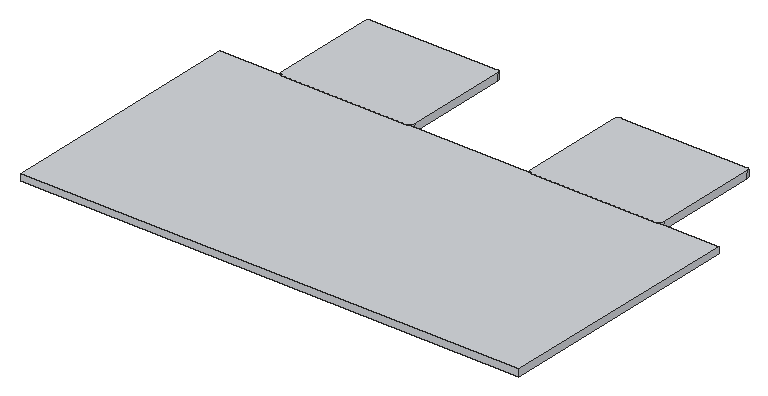
Revit family "AVLN_Парта Ученическая", category Мебель, Revit 2019
Family settings
  Номер OmniClass = 23.40.20.00
  Заголовок OmniClass = General Furniture and Specialties
  На основе рабочей плоскости = Нет
  Всегда вертикально = Да
  При загрузке вырезать с полостями = Нет
  Общий = Нет
  Точка расчета площади = Нет
Parameters (values of type "Двухместная")
  Столешница_Ширина = 600 mm
  Столешница_Длина = 1200 mm
  Сиденье_Ширина = 320 mm
  Сиденье_Глубина = 270 mm
  Парта_Одноместная = no
  Парта_МГН = no
  Парта_Двухместная = yes
Types (4, lengths in mm): name | Столешница_Длина | Парта_Одноместная | Парта_МГН | Парта_Двухместная
  (no name) | 1200 | no | no | yes
  Двухместная | 1200 | no | no | yes
  Одноместная | 600 | yes | no | no
  Парта МГН | 900 | no | yes | no
Reference planes
  plane 1 "По центру (Вперед/Назад)": y = 0
  plane 2: z = 0
  plane 3 "По центру (Влево/Вправо)": x = 0
  plane 4: x = -600
  plane 5: x = 600
  plane 6: y = 300
  plane 7: y = -300
Forms (mm)
  Extrusion 1, solid
    sketch origin (0, 0, 0) x (1, 0, 0) y (0, 1, 0)
      loop
        line (-600, 300) -> (-600, -300) -> (600, -300) -> (600, 300) -> (-600, 300)
    from 0 to 16
Lines and regions (mm)
  Masking region 1
    outline origin (0, 0, 0) x (1, 0, 0) y (0, 1, 0)
      loop
        line (-600, 300) -> (-600, -300) -> (600, -300) -> (600, 300) -> (-600, 300)
Dimensions and locks
  "Столешница_Длина": plane 4 to plane 5
  "Столешница_Ширина": plane 6 to plane 7
  equal spacing: plane 7, plane 1 "По центру (Вперед/Назад)", plane 6
  equal spacing: plane 4, plane 3 "По центру (Влево/Вправо)", plane 5
  Extrusion 1 to level = 16 mm
  equal spacing: plane 4, nested 1, plane 3 "По центру (Влево/Вправо)"
  equal spacing: plane 3 "По центру (Влево/Вправо)", nested 2, plane 5
  locked: nested 2 to plane 6 at 270
  locked: nested 1 to plane 6 at 270
  locked: nested 3 to plane 6 at 270
  aligned and locked: level to plane 2
  aligned and locked: Extrusion 1 sketch curve to plane 6
  aligned and locked: plane 4 to Extrusion 1 sketch curve
  aligned and locked: plane 7 to Extrusion 1 sketch curve
  aligned and locked: Extrusion 1 sketch curve to plane 5
  aligned and locked: Masking region 1 to plane 7
  aligned and locked: plane 5 to Masking region 1
  aligned and locked: Masking region 1 to plane 4
  aligned and locked: plane 6 to Masking region 1
  aligned and locked: plane 3 "По центру (Влево/Вправо)" to nested 3
Automatic sketch dimensions
  plane 1 "По центру (Вперед/Назад)" to Masking region 1 sketch curve = 300 mm
  Masking region 1 sketch curve to plane 4 = 0 mm
  Masking region 1 sketch curve to Masking region 1 sketch curve = 1200 mm
  Masking region 1 sketch curve to plane 6 = 0 mm
Nested families
  nested 1: "Ученический стул" at (-300, 435, 0), visible <- "Парта_Двухместная", type "Ученический стул"
    with Сиденье_Глубина 270 mm
  nested 2: "Ученический стул" at (300, 435, 0), visible <- "Парта_Двухместная", type "Ученический стул"
    with Сиденье_Глубина 270 mm
  nested 3: "Ученический стул" at (0, 435, 0), visible <- "Парта_Одноместная", type "Ученический стул"
    with Сиденье_Глубина 270 mm
  nested 4: "Ученический стул" at (0, 435, 0), visible <- "Парта_Одноместная", type "Ученический стул", not visible
    with Сиденье_Глубина 270 mm
  nested 5: "Ученический стул" at (-300, 435, 0), visible <- "Парта_Двухместная", type "Ученический стул", not visible
    with Сиденье_Глубина 270 mm
  nested 6: "Ученический стул" at (300, 435, 0), visible <- "Парта_Двухместная", type "Ученический стул", not visible
    with Сиденье_Глубина 270 mm
Definition of nested family "Ученический стул"
  Parameters (values of type "Ученический стул")
    Сиденье_Ширина = 320 mm
    Сиденье_Глубина = 300 mm
  Reference planes
    plane 1 "По центру (Вперед/Назад)": y = 0
    plane 2: z = 0
    plane 3 "По центру (Влево/Вправо)": x = 0
    plane 4: y = 150
    plane 5: x = 160
    plane 6: y = -150
    plane 7: x = -160
  Forms (mm)
    Extrusion 1, solid
      sketch origin (0, 0, 0) x (1, 0, 0) y (0, 1, 0)
        loop
          line (150, 150) -> (-150, 150)
          arc (-150, 150) -> (-157.071, 147.071) -> (-160, 140) r 10
          line (-160, 140) -> (-160, -140)
          arc (-160, -140) -> (-157.071, -147.071) -> (-150, -150) r 10
          line (-150, -150) -> (150, -150)
          arc (150, -150) -> (157.071, -147.071) -> (160, -140) r 10
          line (160, -140) -> (160, 140)
          arc (160, 140) -> (157.071, 147.071) -> (150, 150) r 10
      from 0 to 16
  Lines and regions (mm)
    model lines
      curve 1: arc (-130, 117.964, 0) -> (0, 146.539, 0) -> (130, 117.964, 0) r 310
  Dimensions and locks
    equal spacing: plane 7, plane 3 "По центру (Влево/Вправо)", plane 5
    equal spacing: plane 4, plane 1 "По центру (Вперед/Назад)", plane 6
    "Сиденье_Ширина": plane 7 to plane 5
    "Сиденье_Глубина": plane 4 to plane 6
    Extrusion 1 to plane 2 = 16 mm
    locked: plane 4 to Extrusion 1 sketch curve at 10  (x2)
    locked: Extrusion 1 sketch curve to plane 5 at 10  (x2)
    locked: plane 7 to Extrusion 1 sketch curve at 10  (x2)
    locked: plane 6 to Extrusion 1 sketch curve at 10  (x2)
    aligned and locked: level to plane 2
    aligned and locked: plane 4 to Extrusion 1 sketch curve
    aligned and locked: plane 5 to Extrusion 1 sketch curve
    aligned and locked: plane 6 to Extrusion 1 sketch curve
    aligned and locked: plane 7 to Extrusion 1 sketch curve
  Automatic sketch dimensions
    plane 3 "По центру (Влево/Вправо)" to curve 1 = 0 mm
    plane 6 to curve 1 = 13.461 mm
    curve 1 to plane 7 = 30 mm
    curve 1 to plane 5 = 30 mm
    curve 1 to plane 4 = 32.036 mm
